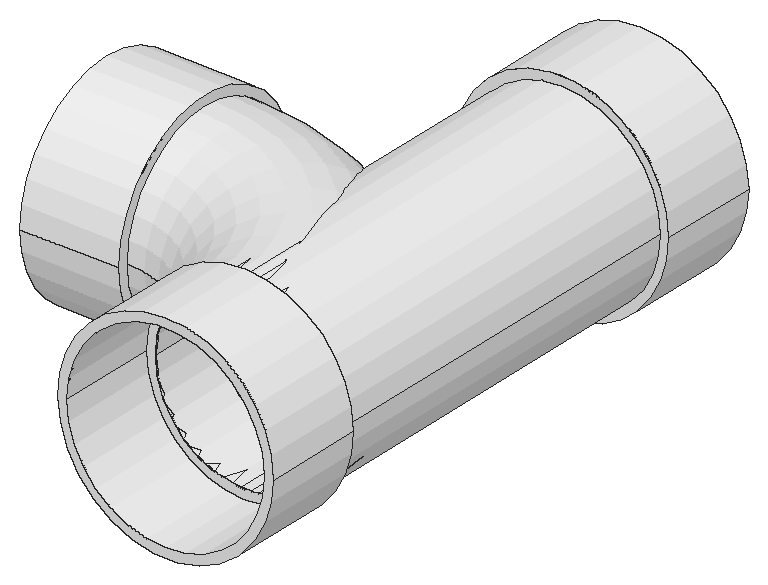
Revit family "Sani-Tee-PVC", category Plumbing Fixtures, Revit 2026
Family settings
  Round Connector Dimension = Use Diameter
  Part Type = Normal
  Classification Number = 23.60.30.11.14
  Work Plane-Based = Yes
  Enable Cutting in Views = No
  Always vertical = Yes
  Cut with Voids When Loaded = No
  Maintain Annotation Orientation = No
  Shared = No
  Room Calculation Point = No
Parameters (values of type "4"")
  collarrad [instance] = PipeOrad + Collar Thickness  # 0' - 2 3/16"
  Waste Connection = yes
  Warranty Duration (Years) = 0
  Wall Thickness = 0' - 0 3/16"
  Vent Connection = yes
  Type Comments = ""
  Turn Radius [instance] = Pipe OD  # 0' - 4"
  Test Data = ""
  Supply Connection Type = Plumbing-Connector : Weld-Weld -PVC-PVC 3
  Specification = "http://www.arcat.com/divs/sec/sec15000.shtml"
  Sales Information = ""
  Product Properties = "http://www.arcat.com/bim/bim_info.pl?fn=Sani-Tee-PVC"
  Product Data = "http://www.arcat.com/divs/sec/sec15000.shtml"
  PipeOrad [instance] = Pipe OD / 2  # 0' - 2"
  PipeIrad [instance] = PipeOrad - Wall Thickness  # 0' - 1 13/16"
  Pipe OD [instance] = 0' - 4"
  Pipe Material = ARCAT - PVC - Schedule 80
  Pipe ID [instance] = (PipeOrad - Wall Thickness) * 2  # 0' - 3 5/8"
  Model = "Generic"  # constant formula
  Manufacturer Website = "http://www.arcat.com/"
  Manufacturer Phone - Toll Free = ""
  Manufacturer Phone = "(203) 929-9444"  # constant formula
  Manufacturer Fax = "(203) 939-2444"  # constant formula
  Manufacturer Email = "bim@arcat.com"  # constant formula
  Manufacturer Address = "1077 Bridgeport Ave, Shelton, CT  06484"  # constant formula
  Manufacturer = "Generic"  # constant formula
  Maintenance Schedule (Months) = 0
  Keynote = "15000"
  Installation_Fabricaton = ""
  Installation Phase = ""
  HW Connection = no
  Green Building-LEED = "http://www.arcat.com/green/green_building.shtml"
  Expected Lifespan (Years) = 40
  Drawn By = "Robert S. Weygant. CSI, CDT, SCIP"  # constant formula
  Description = "PVC Sanitary Tee"  # constant formula
  Default Elevation = 4' - 0"
  Copyright = "2008, ARCAT, Inc."  # constant formula
  Construction Details = "http://www.arcat.com/divs/sec/sec15000.shtml"
  Collar Thickness = Wall Thickness  # 0' - 0 3/16"
  Collar Length [instance] = Pipe OD / 2  # 0' - 2"
  CW Connection = no
  Building Codes = ""
  Assembly Code = "D2090900"
Types (7): name | collarrad | Turn Radius | Supply Connection Type | PipeOrad | PipeIrad | Pipe OD | Pipe ID | Collar Length
  (no name) | 0' - 2 3/16" | 0' - 4" | Plumbing-Connector : Weld-Weld -PVC-PVC 3 | 0' - 2" | 0' - 1 13/16" | 0' - 4" | 0' - 3 5/8" | 0' - 2"
  1" | 0' - 0 11/16" | 0' - 1" | Plumbing-Connector : Weld-Weld - PVC-PVC 1 | 0' - 0 1/2" | 0' - 0 5/16" | 0' - 1" | 0' - 0 5/8" | 0' - 0 1/2"
  1-1/4" | 0' - 0 13/16" | 0' - 1 1/4" | Plumbing-Connector : Weld-Weld -PVC-PVC 125 | 0' - 0 5/8" | 0' - 0 7/16" | 0' - 1 1/4" | 0' - 0 7/8" | 0' - 0 5/8"
  1-1/2" | 0' - 0 15/16" | 0' - 1 1/2" | Plumbing-Connector : Weld-Weld -PVC-PVC 150 | 0' - 0 3/4" | 0' - 0 9/16" | 0' - 1 1/2" | 0' - 1 1/8" | 0' - 0 3/4"
  2" | 0' - 1 3/16" | 0' - 2" | Plumbing-Connector : Weld-Weld -PVC-PVC 2 | 0' - 1" | 0' - 0 13/16" | 0' - 2" | 0' - 1 5/8" | 0' - 1"
  3" | 0' - 1 11/16" | 0' - 3" | Plumbing-Connector : Weld-Weld -PVC-PVC 3 | 0' - 1 1/2" | 0' - 1 5/16" | 0' - 3" | 0' - 2 5/8" | 0' - 1 1/2"
  4" | 0' - 2 3/16" | 0' - 4" | Plumbing-Connector : Weld-Weld -PVC-PVC 3 | 0' - 2" | 0' - 1 13/16" | 0' - 4" | 0' - 3 5/8" | 0' - 2"
Reference planes (in)
  plane 1: z = 0
  plane 2 "Center (Left/Right)": x = 0
  plane 3 "Connection Level": z = 0
  plane 4 "Center": y = 0
  plane 5: y = 4
  plane 6: x = -4
  plane 7: y = 8
Forms (in)
  Sweep 1, solid, material "ARCAT - PVC - Schedule 80" <- "Pipe Material"
    path in 3D
      loop
        line (0, 0, 0) -> (0, -2, 0)
    profile origin (0, -1, 0) x (1, 0, 0) y (0, 0, 1)
      loop
        circle (0, 0) r 2
      loop
        circle (0, 0) r 2.1875
  Sweep 2, solid, material "ARCAT - PVC - Schedule 80" <- "Pipe Material"
    path in 3D
      loop
        line (-4, 4, 0) -> (-6, 4, 0)
    profile origin (-5, 4, 0) x (0, -1, 0) y (0, 0, 1)
      loop
        circle (0, 0) r 2
      loop
        circle (0, 0) r 2.1875
  Sweep 3, solid, material "ARCAT - PVC - Schedule 80" <- "Pipe Material"
    path in 3D
      loop
        line (0, 8, 0) -> (0, 10, 0)
    profile origin (0, 9, 0) x (-1, 0, 0) y (0, 0, 1)
      loop
        circle (0, 0) r 2
      loop
        circle (0, 0) r 2.1875
  Sweep 4, solid, material "ARCAT - PVC - Schedule 80" <- "Pipe Material"
    path in 3D
      loop
        line (0, 0, 0) -> (0, 8, 0)
    profile origin (0, 4, 0) x (-1, 0, 0) y (0, 0, 1)
      loop
        circle (0, 0) r 2
      loop
        circle (0, 0) r 1.8125
  Sweep 5, solid, material "ARCAT - PVC - Schedule 80" <- "Pipe Material"
    path in 3D
      loop
        arc (0, 0, 0) -> (-1.17157, 2.82843, 0) -> (-4, 4, 0) r 4
    profile origin (-1.17157, 2.82843, 0) x (-0.707107, -0.707107, 0) y (0, 0, 1)
      loop
        circle (0, 0) r 2
      loop
        circle (0, 0) r 1.8125
Lines and regions (in)
  model lines, style "Drain", visible <- "Waste Connection"
    curve 1: line (0, 0, 0) -> (0, -2, 0)
    curve 2: line (-4, 4, 0) -> (-6, 4, 0)
    curve 3: line (-4, 0.5, 0) -> (-4, 4.5, 0)
    curve 4: line (-2, 0, 0) -> (2, 0, 0)
    curve 14: line (0, 0, 0) -> (0, 8, 0)
    curve 15: line (-2, 8, 0) -> (2, 8, 0)
    curve 16: line (0, 8, 0) -> (0, 10, 0)
    curve 19: arc (0, 0, 0) -> (-1.17157, 2.82843, 0) -> (-4, 4, 0) r 4
  sketch lines
    curve 5: line (0, 0, 0) -> (0, -2, 0)
    curve 6: line (-4, 4, 0) -> (-6, 4, 0)
    curve 17: line (0, 8, 0) -> (0, 10, 0)
    curve 18: line (0, 0, 0) -> (0, 8, 0)
    curve 21: arc (0, 0, 0) -> (-1.17157, 2.82843, 0) -> (-4, 4, 0) r 4
  model lines, style "Vent", visible <- "Vent Connection"
    curve 7: line (-4, 2, 0) -> (-4, 6, 0)
    curve 8: line (-2, 0, 0) -> (2, 0, 0)
    curve 9: line (0, 0, 0) -> (0, -2, 0)
    curve 10: line (0, 0, 0) -> (0, 8, 0)
    curve 11: line (-6, 4, 0) -> (-4, 4, 0)
    curve 12: line (0, 8, 0) -> (0, 10, 0)
    curve 13: line (-2, 8, 0) -> (2, 8, 0)
    curve 20: arc (0, 0, 0) -> (-1.17157, 2.82843, 0) -> (-4, 4, 0) r 4
Dimensions and locks (in)
  "Turn Radius": plane 4 "Center" to plane 5
  "Turn Radius": plane 6 to plane 2 "Center (Left/Right)"
  equal spacing: curve 4, curve 1, curve 4
  "Pipe OD": curve 4 to curve 4
  equal spacing: curve 8, curve 9, curve 8
  "Pipe OD": curve 8 to curve 8
  "Turn Radius": plane 7 to plane 5
  "Collar Length": curve 12 to plane 7
  equal spacing: curve 13, curve 12, curve 13
  "Pipe OD": curve 13 to curve 13
  equal spacing: curve 15, curve 16, curve 15
  "Pipe OD": curve 15 to curve 15
  "Collar Length": curve 15 to curve 16
  "Collar Length": curve 9 to curve 8
  "Collar Length": curve 14 to curve 1
  "Collar Length": curve 2 to plane 6
  "Collar Length": curve 11 to curve 7
  equal spacing: curve 7, curve 11, curve 7
  "Pipe OD": curve 7 to curve 7
  "PipeOrad": radius of Sweep 2 sketch curve
  "collarrad": radius of Sweep 2 sketch curve
  "collarrad": radius of Sweep 1 sketch curve
  "PipeOrad": radius of Sweep 1 sketch curve
  "PipeOrad": radius of Sweep 3 sketch curve
  "collarrad": radius of Sweep 3 sketch curve
  "PipeOrad": radius of Sweep 4 sketch curve
  "PipeIrad": radius of Sweep 4 sketch curve
  "PipeOrad": radius of Sweep 5 sketch curve
  "PipeIrad": radius of Sweep 5 sketch curve
  "Turn Radius": radius of curve 19
  "Turn Radius": radius of curve 20
  aligned and locked: curve 1 to plane 2 "Center (Left/Right)"
  aligned and locked: plane 4 "Center" to curve 4
  aligned and locked: nested 1 to plane 3 "Connection Level"
  aligned and locked: plane 4 "Center" to Sweep 1
  aligned and locked: plane 2 "Center (Left/Right)" to nested 1
  aligned and locked: nested 2 to plane 5
  aligned and locked: nested 2 to plane 3 "Connection Level"
  aligned and locked: nested 2 to Sweep 2
  aligned and locked: plane 3 "Connection Level" to level
  aligned and locked: curve 9 to curve 1
  aligned and locked: plane 7 to curve 10
  aligned and locked: plane 4 "Center" to curve 10
  aligned and locked: plane 5 to curve 11
  aligned and locked: plane 6 to curve 11
  aligned and locked: plane 2 "Center (Left/Right)" to nested 3
  aligned and locked: nested 3 to plane 7
  aligned and locked: curve 14 to curve 10
  aligned and locked: curve 15 to curve 13
  aligned and locked: curve 16 to curve 12
  aligned and locked: curve 4 to curve 19
  aligned and locked: curve 3 to curve 19
  aligned and locked: curve 8 to curve 20
Automatic sketch dimensions
  Sweep 2 sketch curve to Sweep 2 sketch curve = 0' - 0"  (x2)
  Sweep 2 sketch curve to profile plane = 0' - 0"  (x2)
  Sweep 1 sketch curve to Sweep 1 sketch curve = 0' - 0"  (x2)
  Sweep 1 sketch curve to profile plane = 0' - 0"  (x2)
  Sweep 3 sketch curve to Sweep 3 sketch curve = 0' - 0"  (x2)
  Sweep 3 sketch curve to profile plane = 0' - 0"  (x2)
  Sweep 4 sketch curve to Sweep 4 sketch curve = 0' - 0"  (x2)
  Sweep 4 sketch curve to profile plane = 0' - 0"  (x2)
  Sweep 5 sketch curve to Sweep 5 sketch curve = 0' - 0"  (x2)
  Sweep 5 sketch curve to profile plane = 0' - 0"  (x2)
  curve 15 to plane 7 = 0' - 0"
  curve 16 to plane 2 "Center (Left/Right)" = 0' - 0"
  curve 14 to plane 2 "Center (Left/Right)" = 0' - 0"
  curve 2 to plane 5 = 0' - 0"
  curve 3 to curve 19 = 0' - 0 1/2"  (x2)
Nested families (in)
  nested 1: "Plumbing-Connector" at (-1.5, 0.5, 1.92656), Pipe Diameter <- "Pipe OD", type <- "Supply Connection Type", Outlet Material <- "Pipe Material", Inlet Material <- "Pipe Material", type "Weld-Weld -PVC-PVC 3"
    with Pipe Diameter 0' - 4", Outlet Material ARCAT - PVC - Schedule 80, Outlet Connection "Solvent Welded", Inlet Material ARCAT - PVC - Schedule 80, Inlet Connection "Solvent Welded"
  nested 2: "Plumbing-Connector" at (-5.5, 4.5, 1.92656), Outlet Material <- "Pipe Material", Inlet Material <- "Pipe Material", type <- "Supply Connection Type", Pipe Diameter <- "Pipe OD", type "Weld-Weld -PVC-PVC 3"
    with Pipe Diameter 0' - 4", Outlet Material ARCAT - PVC - Schedule 80, Outlet Connection "Solvent Welded", Inlet Material ARCAT - PVC - Schedule 80, Inlet Connection "Solvent Welded"
  nested 3: "Plumbing-Connector" at (-1.5, 8.5, 1.92656), Pipe Diameter <- "Pipe OD", type <- "Supply Connection Type", Outlet Material <- "Pipe Material", Inlet Material <- "Pipe Material", type "Weld-Weld -PVC-PVC 3"
    with Pipe Diameter 0' - 4", Outlet Material ARCAT - PVC - Schedule 80, Outlet Connection "Solvent Welded", Inlet Material ARCAT - PVC - Schedule 80, Inlet Connection "Solvent Welded"
Definition of nested family "Plumbing-Connector"
  Parameters
    Waste Connection = no
    Warranty Duration (Years) = 0
    Vent Connection = no
    Type Comments = "Plumbing Connection"
    Test Data = ""
    Specification = "http://www.arcat.com/divs/sec/sec15000.shtml"
    Sales Information = ""
    Product Properties = "http://www.arcat.com/bim/bim_info.pl?fn=Plumbing-Connector"
    Product Data = "http://www.arcat.com/divs/sec/sec15000.shtml"
    Pipe Diameter [instance] = 0' - 4"
    Outlet Material [instance] = none
    Outlet Connection [instance] = "Crimp"
    Model = "Generic"  # constant formula
    Mixing Valve = no
    Manufacturer Website = "http://www.arcat.com/"
    Manufacturer Phone - Toll Free = ""
    Manufacturer Phone = "(203) 929-9444"  # constant formula
    Manufacturer Fax = "(203) 939-2444"  # constant formula
    Manufacturer Email = "bim@arcat.com"  # constant formula
    Manufacturer Address = "1077 Bridgeport Ave, Shelton, CT  06484"  # constant formula
    Manufacturer = "Generic"  # constant formula
    Maintenance Schedule (Months) = 0
    Keynote = "15000"
    Installation_Fabricaton = ""
    Installation Phase = ""
    Inlet Material [instance] = none
    Inlet Connection [instance] = "Threaded"
    HW Connection = no
    Green Building-LEED = "http://www.arcat.com/green/green_building.shtml"
    Expected Lifespan (Years) = 0
    Drawn By = "Robert S. Weygant. CSI, CDT, SCIP"  # constant formula
    Description = ""
    Default Elevation = 4' - 0"
    Copyright = "2008, ARCAT, Inc."  # constant formula
    Construction Details = "http://www.arcat.com/divs/sec/sec15000.shtml"
    CW Connection = yes
    Building Codes = ""
    Assembly Code = "D2090900"
  Reference planes (in)
    plane 1 "Center (TB)": z = -1.92656
    plane 2 "Center (Left/Right)": x = 1.5
    plane 3 "Center (FB)": y = -0.5
    plane 4: x = -0.5
    plane 5: x = 3.5
    plane 6: y = 1.5
    plane 7: y = -2.5
    plane 8: z = 0.07344
    plane 9: z = -3.92656
  Forms (in)
    Revolve 1, solid
      sketch origin (0, 0, -1.92656) x (1, 0, 0) y (0, 1, 0)
        loop
          line (1.5, -0.375) -> (1.5, -0.625)
          arc (1.5, -0.625) -> (1.625, -0.5) -> (1.5, -0.375) r 0.125
        axis (1.5, -0.375) -> (1.5, -0.625)
      angle from 0 to 360
  Lines and regions (in)
    model lines, not visible
      curve 1: line (0, 0.5, 0) -> (0, -0.5, 0)
      curve 2: line (-0.5, 0, 0) -> (0.5, 0, 0)
    model lines, visible <- "CW Connection"
      curve 3: line (1.5, -0.5, -3.92656) -> (1.5, -0.5, 0.07344)
      curve 8: line (-0.5, -0.5, -1.92656) -> (3.5, -0.5, -1.92656)
      curve 13: line (1.5, 1.5, -1.92656) -> (1.5, -2.5, -1.92656)
    model lines, visible <- "Waste Connection"
      curve 4: line (1.5, -0.5, -3.92656) -> (1.5, -0.5, 0.07344)
      curve 9: line (-0.5, -0.5, -1.92656) -> (3.5, -0.5, -1.92656)
      curve 14: line (1.5, 1.5, -1.92656) -> (1.5, -2.5, -1.92656)
    model lines, visible <- "HW Connection"
      curve 5: line (1.5, -0.5, -3.92656) -> (1.5, -0.5, 0.07344)
      curve 10: line (-0.5, -0.5, -1.92656) -> (3.5, -0.5, -1.92656)
      curve 15: line (1.5, 1.5, -1.92656) -> (1.5, -2.5, -1.92656)
    model lines, visible <- "Mixing Valve"
      curve 6: line (1.5, -0.5, -3.92656) -> (1.5, -0.5, 0.07344)
      curve 11: line (-0.5, -0.5, -1.92656) -> (3.5, -0.5, -1.92656)
      curve 16: line (1.5, 1.5, -1.92656) -> (1.5, -2.5, -1.92656)
    model lines, visible <- "Vent Connection"
      curve 7: line (1.5, -0.5, -3.92656) -> (1.5, -0.5, 0.07344)
      curve 12: line (-0.5, -0.5, -1.92656) -> (3.5, -0.5, -1.92656)
      curve 17: line (1.5, 1.5, -1.92656) -> (1.5, -2.5, -1.92656)
  Dimensions and locks (in)
    equal spacing: plane 4, plane 2 "Center (Left/Right)", plane 5
    equal spacing: plane 6, plane 3 "Center (FB)", plane 7
    "Pipe Diameter": plane 4 to plane 5
    "Pipe Diameter": plane 6 to plane 7
    equal spacing: plane 8, plane 1 "Center (TB)", plane 9
    "Pipe Diameter": plane 8 to plane 9
    aligned and locked: plane 9 to curve 3
    aligned and locked: plane 2 "Center (Left/Right)" to curve 3
    aligned and locked: plane 8 to curve 3
    aligned and locked: plane 2 "Center (Left/Right)" to curve 4
    aligned and locked: plane 2 "Center (Left/Right)" to curve 5
    aligned and locked: plane 2 "Center (Left/Right)" to curve 6
    aligned and locked: plane 2 "Center (Left/Right)" to curve 7
    aligned and locked: plane 4 to curve 8
    aligned and locked: plane 5 to curve 8
    aligned and locked: plane 3 "Center (FB)" to curve 8
    aligned and locked: plane 3 "Center (FB)" to curve 9
    aligned and locked: plane 3 "Center (FB)" to curve 10
    aligned and locked: plane 3 "Center (FB)" to curve 11
    aligned and locked: plane 3 "Center (FB)" to curve 12
    aligned and locked: plane 6 to curve 13
    aligned and locked: curve 13 to plane 2 "Center (Left/Right)"
    aligned and locked: plane 7 to curve 13
    aligned and locked: curve 14 to plane 2 "Center (Left/Right)"
    aligned and locked: curve 15 to plane 2 "Center (Left/Right)"
    aligned and locked: curve 16 to plane 2 "Center (Left/Right)"
    aligned and locked: curve 17 to plane 2 "Center (Left/Right)"
    aligned and locked: level to plane 1 "Center (TB)"
  Automatic sketch dimensions
    Revolve 1 sketch curve to plane 2 "Center (Left/Right)" = 0' - 0"  (x2)
    Revolve 1 sketch curve to plane 3 "Center (FB)" = 0' - 0"
    Revolve 1 sketch curve to Revolve 1 sketch curve = 0' - 0 1/8"
    Revolve 1 sketch curve to plane 7 = 4' - 9 1/2"
    plane 6 to Revolve 1 sketch curve = 4' - 8.8714"
    curve 6 to plane 8 = 0' - 0"
    curve 4 to plane 8 = 0' - 0"
    curve 5 to plane 8 = 0' - 0"
    curve 7 to plane 8 = 0' - 0"
    curve 4 to plane 9 = 0' - 0"
    curve 7 to plane 9 = 0' - 0"
    curve 6 to plane 9 = 0' - 0"
    curve 5 to plane 9 = 0' - 0"
    curve 17 to plane 6 = 0' - 0"
    curve 17 to plane 7 = 0' - 0"
    curve 16 to plane 7 = 0' - 0"
    curve 16 to plane 6 = 0' - 0"
    curve 15 to plane 6 = 0' - 0"
    curve 15 to plane 7 = 0' - 0"
    curve 14 to plane 6 = 0' - 0"
    curve 14 to plane 7 = 0' - 0"
    curve 10 to plane 4 = 0' - 0"
    curve 9 to plane 4 = 0' - 0"
    curve 11 to plane 4 = 0' - 0"
    curve 12 to plane 4 = 0' - 0"
    curve 10 to plane 5 = 0' - 0"
    curve 9 to plane 5 = 0' - 0"
    curve 11 to plane 5 = 0' - 0"
    curve 12 to plane 5 = 0' - 0"
